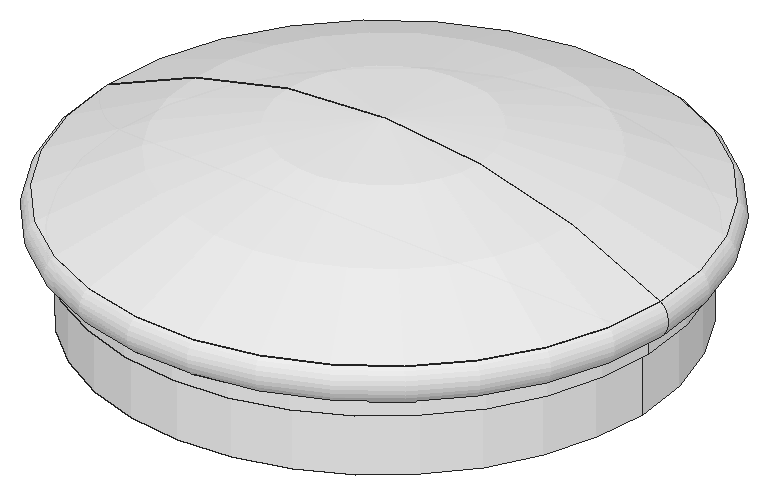
Revit family "3079109 Feilo Sylvania Lighting Fixture CLIO 430 LED 4000K", category Lighting Fixtures, host Face, Revit 2017
Family settings
  Host = Face
  Round Connector Dimension = Use Diameter
  Part Type = Normal
  OmniClass Number = 23.80.70.11.17
  OmniClass Title = Specialized Lighting by Location or Use
  Cut with Voids When Loaded = No
  Light Source = Yes
  Shared = No
  Room Calculation Point = No
Parameters (values of type "3079109 CLIO 430 LED 4000K")
  Weight = "1.69 kg"
  Wattage = 26 W
  WarrantyStartDate [instance] = "n/a"
  WarrantyGuarantorParts = "n/a"
  WarrantyDurationUnit = "n/a"
  WarrantyDurationParts = "n/a"
  WarrantyDescription = "n/a"
  built-in parameter 1150110 = 1 (stored number, unit not read)
  Voltage = 230 V
  URL = "http://www.sylvania-lighting.com"
  TypeName = "CLIO 430 LED 4000K"
  built-in parameter 1114217 = 1 (stored number, unit not read)
  Tilt Angle = -90.00°
  built-in parameter 1150109 = 1 (stored number, unit not read)
  built-in parameter 1150134 = 12
  built-in parameter 1150113 = 1 (stored number, unit not read)
  SerialNumber [instance] = "n/a"
  Radius_FEILO = 215.00 mm
  PowerFactor = 0
  PowerConsumption = "26 W"
  Photometry Comments = ""
  Photometric Web File = "3079109.ies"
  NominalWidth = 0.00 mm
  NominalLength = 430.00 mm
  NominalHeight = 134.50 mm
  Name = "CLIO 430 LED 4000K"
  ModelReference = "CLIO 430 LED 4000K"
  ModelNumber = "3079109"
  Material_4_FEILO = none
  Material_3_FEILO = none
  Material_2_FEILO = Acrylic Glass_Sylvania_Clio LED_White
  Material_1_FEILO = Polycarbonate_Sylvania_Clio LED_White
  Material = "n/a"
  ManufacturerName = "Feilo Sylvania"
  LuminousEfficacy = "84.61 lm/W"
  LuminaireType = ""
  LightOutputRatio = "n/a"
  LampsType = Lamp  # "20W"
  LampNominalLuminous = "2200 lm"
  LampMacAdamStep = "n/a"
  LampColourTemperature = "4000 K"
  LampColourRenderingIndex = "80"
  Keynote = "16500"
  InstallationDate [instance] = "n/a"
  InputVoltage = "220-240V~"
  InputNominalFrequency = "50/60 Hz"
  IngressProtection = "IP44"
  ImpactProtectionIndex = "IK06"
  IfcExportType = "IfcLightFixtureType"
  IfcExportAs = "IfcLightFixtureType"
  Height_FEILO = 132.00 mm
  ExpectedLife = 50000
  ElectricShockClassification = "Class II"
  DurationUnit = "hours"
  DocumentationLiterature = "http://www.sylvania-lighting.com/product/en-int/products/3079109"
  DimmingControlOptions = "n/a"
  Diameter_FEILO = Radius_FEILO * 2  # 430.00 mm
  CreatedOn = "2/7/2018"
  CreatedBy = ""
  built-in parameter 1114216 [instance] = 1 (stored number, unit not read)
  Model = "CLIO 430 LED 4000K"
  Manufacturer = "Feilo Sylvania"
  built-in parameter 1150105 = 686.51 (stored number, unit not read)
  Lumens = 2200 lm
  built-in parameter 1150115 = 1 (stored number, unit not read)
  built-in parameter 1150137 = (empty or 0)
  built-in parameter 1150139 = (empty or 0)
  built-in parameter 1150112 = 1 (stored number, unit not read)
  built-in parameter 1150114 = 1 (stored number, unit not read)
  Lamp = "20W"  # constant formula
  built-in parameter 1150132 = 2
  built-in parameter 1150102 = (empty or 0)
  built-in parameter 1150107 = 4000 (stored number, unit not read)
  built-in parameter 1150138 = (empty or 0)
  built-in parameter 1150106 = 6.8651 (stored number, unit not read)
  built-in parameter 1150104 = 7.861 (stored number, unit not read)
  Dimming Lamp Color Temperature Shift = <None>
  Description = "Large ambient bulkhead luminaire with indirect halo effect, loop in/loop out wiring, surface or rear cable entry, white polycarbonate housing with opal diffuser, 2216lm, 25W, 89lm/W, 4000K, 640mA, 80CRI, non-dimmable, IP44, IK06, 40,000 hours (L70), Ø430x132mm, 5 SDCM, 1.7kg, Class II, 220-240V, Energy class A++ (integrated LED)"
  Default Elevation = 0.00 mm
  Color Filter = 16777215
  built-in parameter 1140040 [instance] = 1
  BarCode [instance] = "n/a"
  built-in parameter 1114218 = 1 (stored number, unit not read)
  built-in parameter 1150133 = 10 (stored number, unit not read)
  AssetType = "Fixed"
  AssetIdentifier [instance] = "n/a"
  Assembly Code = "D5020200"
  Apparent Load Comments = ""
  Apparent Load = 26 VA
Reference planes
  plane 1 "Center (Front/Back)": y = 0
  plane 2: z = 0
  plane 3 "Center (Left/Right)": x = 0
  plane 4 "Fixture Bottom": z = 132
  plane 5 "Fixture Right": x = 215
  plane 6 "Fixture Left": x = -215
  plane 7: z = 42.75
  plane 8: z = 54
  plane 9: x = 195
  plane 10: x = 200
  plane 11: x = -195
  plane 12: x = -200
  plane 13: x = 209
  plane 14: x = -209
  plane 15: z = 81.25
Forms (mm)
  Revolve 1, solid, material "Polycarbonate_Sylvania_Clio LED_White" <- "Material_1_FEILO"
    sketch origin (0, 0, 0) x (1, 0, 0) y (0, 0, 1)
      loop
        line (0, 0) -> (195, 0) -> (195, 42.75) -> (200, 42.75) -> (200, 54) -> (0, 54) -> (0, 0)
      axis (0, 54) -> (0, 0)
    angle from 0 to 360
  Revolve 2, solid, material "Acrylic Glass_Sylvania_Clio LED_White" <- "Material_2_FEILO"
    sketch origin (0, 0, 0) x (1, 0, 0) y (0, 0, 1)
      loop
        arc (209, 81.25) -> (107.671, 119.683) -> (0, 132) r 437.011
        line (0, 132) -> (0, 54) -> (200, 54)
        arc (200, 54) -> (214.332, 64.378) -> (209, 81.25) r 15.119
      axis (0, 132) -> (0, 54)
    angle from 0 to 360
Dimensions and locks
  "Height_FEILO": plane 4 "Fixture Bottom" to plane 2
  equal spacing: plane 5 "Fixture Right", plane 3 "Center (Left/Right)", plane 6 "Fixture Left"
  "Diameter_FEILO": plane 5 "Fixture Right" to plane 6 "Fixture Left"
  locked: plane 5 "Fixture Right" to plane 10 at 15
  locked: plane 5 "Fixture Right" to plane 9 at 20
  locked: plane 5 "Fixture Right" to plane 13 at 6
  locked: plane 11 to plane 6 "Fixture Left" at 20
  locked: plane 12 to plane 6 "Fixture Left" at 15
  locked: plane 14 to plane 6 "Fixture Left" at 6
  locked: plane 4 "Fixture Bottom" to plane 15 at 50.75
  locked: plane 8 to plane 7 at 11.25
  locked: plane 15 to plane 8 at 27.25
  aligned and locked: host face to plane 2
  aligned and locked: level to host face
  aligned and locked: plane 3 "Center (Left/Right)" to Revolve 1 sketch curve
  aligned and locked: Revolve 1 sketch curve to plane 2
  aligned and locked: Revolve 1 sketch curve to plane 8
  aligned and locked: Revolve 1 sketch curve to plane 7
  aligned and locked: Revolve 1 sketch curve to plane 9
  aligned and locked: Revolve 1 sketch curve to plane 10
  aligned and locked: Revolve 2 sketch curve to plane 3 "Center (Left/Right)"
  aligned and locked: imposter light to plane 3 "Center (Left/Right)"
  aligned and locked: plane 4 "Fixture Bottom" to imposter light
  aligned and locked: plane 13 to Revolve 2 sketch curve
  aligned and locked: plane 15 to Revolve 2 sketch curve
  aligned and locked: Revolve 2 sketch curve to Revolve 1
  aligned and locked: imposter light to Revolve 2 sketch curve
Automatic sketch dimensions
  host sketch curve to host sketch curve = 1337.794 mm
  host sketch curve to host sketch curve = 1283.632 mm
  Revolve 1 sketch curve to plane 3 "Center (Left/Right)" = 0.00 mm
  Revolve 1 sketch curve to level = 55.00 mm
  Revolve 1 sketch curve to Revolve 1 sketch curve = 25.00 mm
  plane 10 to Revolve 2 sketch curve = 0.00 mm
  Revolve 2 sketch curve to plane 4 "Fixture Bottom" = 0.00 mm
  plane 3 "Center (Left/Right)" to Revolve 2 sketch curve = 4.551 mm
  plane 10 to Revolve 2 sketch curve = 0.025 mm
  Revolve 2 sketch curve to level = 45.00 mm
  Revolve 2 sketch curve to Revolve 2 sketch curve = 67.00 mm
Connectors
  electrical at (0, 0, 0), driven by "Apparent Load", driven by "Voltage", driven by "PowerFactor"
    settings: on Revolve 1, index 1, voltage 230 V, apparent load 0 VA, apparent load phase1 26 VA, apparent load phase2 0 VA, apparent load phase3 0 VA, power factor 0, load classification "Lighting", number of poles 1, system type 31, power factor state 1, is connector primary yes, connector utility no, sub classification motor no, connector description ""
